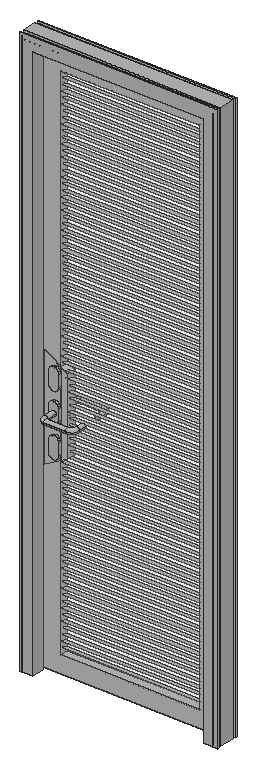
Revit family "Doors_Swing_Avanti_Systems_Acoustic-Dbl-Glazed", category Doors, Revit 2026
Family settings
  Classification Number = 23.30.10.14.14
  Always vertical = Yes
  Cut with Voids When Loaded = No
  Shared = No
  Room Calculation Point = No
Parameters (values of type "Double Glazed Acoustic Swing Door")
  Youtube clip = ""
  Width [instance] = 2' - 8.58379"
  Weight Net (Kg) = "0"
  Warranty = "1 year"  # constant formula
  Uniformat II Description = "Interior Doors"
  Uniformat II Code = "C1020"
  Uniclass 2015 Name = "Doors and windows"
  Uniclass 2015 Code = "EF_25_30"
  Uniclass 2.0 Description = ""
  Uniclass 2.0 Code = ""
  Uniclass 1.4 Description = "Doors"
  Uniclass 1.4 Code = "JL20"
  URL = "https://www.avantisystemsusa.com/"
  UNSPSC Code = "30171504"
  Thickness = 0' - 1 3/4"
  Technical description = ""
  Standard Lever Handle [instance] = not(Locking Lever Handle)  # no
  Sound Rating = 0
  Sketch Dimension [instance] = Width - 2 * (0' 2 51/256")  # 2' - 4.18535"
  Self Closing [instance] = yes
  Region South America = "All"
  Region Oceania = "All"
  Region North America = "All"
  Region Middle East = "All"
  Region Europe = "All"
  Region Asia = "All"
  Region Antarctica = "All"
  Region Africa = "All"
  QR code = "http://bimobject.com/avantisystems/product/avanti-acoustic-double-glazed-glass-swing-door"
  Product url = "https://www.avantisystemsusa.com/glass-products/doors/pivot-doors-hinged-doors/double-glazed-framed/"
  Product group = "Acoustic Double Glazed"
  Product family = "Pivot & Hinged Doors"
  Product data url = "https://bimobject.com/avantisystems/product/avanti-acoustic-double-glazed-glass-swing-door"
  Product certification = ""
  Product SKU = "avanti-acoustic-double-glazed-glass-swing-door"
  Product Guid = "4cbc50b4-6a02-4c5a-a436-d6565afaf1f2"
  Power = 110 V  # constant formula
  OmniClass Description = "Wood Doors"
  OmniClass Code = "23-17 11 15"
  Number of blinds [instance] = (Height - 0' 6") / 0' 1"  # 88
  Nominal width = 0' - 0"
  Nominal height = 0' - 0"
  NBS Reference Description = ""
  NBS Reference Code = ""
  Model = "Acoustic Double Glazed Glass Swing Door"  # constant formula
  Material secondary = "Aluminium"
  Material main = "Glass"
  Masterformat 2014 Description = "Wood Doors"
  Masterformat 2014 Code = "08 14 00"
  Manufacturer name = "Avanti Systems"
  Manufacturer country = ""
  Manufacturer = "Avanti Systems USA"  # constant formula
  Locking Lever Handle [instance] = yes
  Installation instructions = ""
  IFC Classification = "Door"
  Height [instance] = 7' - 9.651"
  Heght Controller [instance] = if(Doors Height Control > 8' 10", 8' 10", Doors Height Control)  # 7' - 0"
  Hardware material [instance] = Stainless Steel - Avanti- Brushed Finish
  Handle width [instance] = Width - 0' 4"  # 2' - 4.58379"
  Handle Height [instance] = Height - 0' 2"  # 7' - 7.651"
  Handle Distance = 0' - 4 1/8"  # constant formula
  Glazing = ""
  Glass Width [instance] = 2' - 4.5976"
  Glass Marker = yes
  Glass Height [instance] = 7' - 7.46539"
  Function = Interior
  Free Swing [instance] = yes
  Frame Material [instance] = Polyester powder - Avanti - White aluminium METALLIC - RAL9006
  Filling_width [instance] = 0' - 1 7/8"
  Filling_height [instance] = 7' - 7.58753"
  Edition number = 1
  EAN code = ""
  Doors panel material = Glass - Avanti - Laminated Glass
  Doors Height Control [instance] = if(Doors Height > 8' 10", 8' 10", Doors Height)  # 7' - 0"
  Doors Height [instance] = 7' - 0"
  Design country = "United States"
  Description = "Double Glazed Acoustic Swing Doors fit seamlessly into the Solare™ Double Glazed, Elevare™ Stacking Double Glazed High Wall , Movare™ Movable Double Glazed or Transverto™ MonobIock Modular for superior sound resistance and style."  # constant formula
  Date of publishing = ""
  Clear Anodic Finish = "AAMA 611, AA-M12c22A31, Class II, 0.01mm or thicker"  # constant formula
  COBIe Type Category = ""
  Brand url = "http://www.avantisystemsusa.com/"
  Blinds material [instance] = Polyester powder - Avanti - White aluminium METALLIC - RAL9006
  Blinds [instance] = yes
  Blinds width [instance] = Width - 0' 9 81/128"  # 1' - 10.95098"
  Blinds height [instance] = Height - 0' 8"  # 7' - 1.651"
  BIMobject main category code = "doors"
  BIMobject main category = "Doors"
  BIMobject category code = "doors-swing"
  BIMobject category = "Swing"
  Analytic Construction = "<None>"
  Acoustic performance (dB) = 43  # constant formula
Reference planes (in)
  plane 1 "Center (Front/Back)": y = 0
  plane 2: z = 0.6245
  plane 3 "Center (Left/Right)": x = 3.24894
  plane 4: x = -13.04295
  plane 5: x = 19.54084
  plane 6 "Top": z = 94.2755
  plane 7: z = 89.62939
  plane 8: x = -8.91795
  plane 9 "Doors Bottom Plan": y = 0.2175
  plane 10: z = 91.651
  plane 11 "Doors Center": y = 0.8725
  plane 12 "Door_top_olan": y = 1.9675
  plane 13 "Door_height_top": z = 91.65289
  plane 14 "Door_left": x = 17.54774
  plane 15 "Door_right": x = -11.04986
  plane 16: z = 91.75551
  plane 17: y = 1.9675
  plane 18: z = 12.6245
  plane 19: z = 78.336
  plane 20: z = 66.336
  plane 21: z = 47.45
  plane 22: y = 1.78
  plane 23: y = 0.405
  plane 24: x = 14.10021
  plane 25: x = -7.60233
  plane 26: z = 89.25449
  plane 27: z = 0.1875
  plane 28: x = 3.24894
  plane 29: x = -11.35863
  plane 30: x = 17.67186
Forms (in)
  Sweep 1, solid, material "Polyester powder - Avanti - White aluminium METALLIC - RAL9006" <- "Frame Material"
    path origin (0.39048, 0, 0) x (1, 0, 0) y (0, 0, 1)
      loop
        line (19.15035, 0) -> (19.15035, 94.2755) -> (-13.43344, 94.2755) -> (-13.43344, 0)
    profile origin (19.54084, 0, 47.13775) x (-1, 0, 0) y (0, -1, 0)
      loop
        line (0, -1.20637) -> (0.32027, -1.20637) -> (0.32027, -1.10581) -> (0.81894, -1.10581) -> (0.81894, -1.90844) -> (0.32, -1.90844) -> (0.32, -1.75074) -> (0, -1.75074) -> (0, -1.9675) -> (1.68432, -1.9675) -> (1.68432, -0.10813) -> (2.19799, -0.10813) -> (2.19799, 1.96951) -> (0, 1.96951) -> (0, 1.75296) -> (0.32, 1.75296) -> (0.32, 1.91045) -> (0.8165, 1.91045) -> (0.8165, 1.12164) -> (0.3206, 1.12164) -> (0.3206, 1.22391) -> (0, 1.22391) -> (0, -1.20637)
  Extrusion 2, solid, material "Glass - Avanti - Laminated Glass" <- "Doors panel material"
    sketch origin (0, 0, 0) x (1, 0, 0) y (0, 1, 0)
      loop
        line (-11.04986, 1.9675) -> (-11.04986, 1.78) -> (17.54774, 1.78) -> (17.54774, 1.9675) -> (-11.04986, 1.9675)
      loop
        line (-11.04986, 0.405) -> (-11.04986, 0.2175) -> (17.54774, 0.2175) -> (17.54774, 0.405) -> (-11.04986, 0.405)
    from 0.1875 to 92.07752
  Sweep 3, solid, material "Polyester powder - Avanti - White aluminium METALLIC - RAL9006" <- "Frame Material"
    path origin (0, 0, 0) x (1, 0, 0) y (0, 0, 1)
      loop
        line (17.54774, 0.1875) -> (17.54774, 92.07752) -> (-11.04986, 92.07752) -> (-11.04986, 0.1875) -> (17.54774, 0.1875)
    profile origin (17.54774, 0, 46.13251) x (-1, 0, 0) y (0, -1, 0)
      loop
        line (2.82303, -1.78) -> (2.82303, -0.405) -> (0, -0.405) -> (0, -1.78) -> (2.82303, -1.78)
Lines and regions (in)
  symbolic lines, style "00 View port"
    curve 1: line (17.85651, 0.2175, 0) -> (-11.35863, 0.2175, 0)
    curve 5: line (-11.17398, 1.78, 0) -> (17.67186, 1.78, 0)
    curve 6: line (-11.17398, 0.405, 0) -> (17.67186, 0.405, 0)
    curve 7: line (3.24894, 1.78, 91.78203) -> (3.24894, 1.78, 0.6245)
    curve 8: line (3.24894, 0.405, 91.78203) -> (3.24894, 0.405, 0.6245)
    curve 9: line (3.24894, 1.905, 91.78203) -> (3.24894, 1.905, 0.6245)
    curve 10: line (3.24894, 1.8425, 91.78203) -> (3.24894, 1.8425, 0.6245)
    curve 11: line (3.24894, 0.3425, 91.78203) -> (3.24894, 0.3425, 0.6245)
    curve 12: line (3.24894, 0.28, 91.78203) -> (3.24894, 0.28, 0.6245)
  symbolic lines, style "01 Cut"
    curve 2: line (3.24894, 1.9675, 0.6245) -> (3.24894, 0.2175, 0.6245)
    curve 3: line (3.24894, 0.2175, 0.6245) -> (3.24894, 0.2175, 91.78203)
    curve 4: line (3.24894, 1.9675, 91.78203) -> (3.24894, 1.9675, 0.6245)
  symbolic lines, style "0", detail levels medium+fine
    curve 13: line (-9.7346, 2.31618, 0) -> (-8.09759, 2.31618, 0)
    curve 14: line (-9.7346, 1.9675, 0) -> (-9.7346, 2.31618, 0)
    curve 15: line (-8.09759, 1.9675, 0) -> (-9.7346, 1.9675, 0)
    curve 16: line (-8.09759, 2.31618, 0) -> (-8.09759, 1.9675, 0)
    curve 17: line (-9.30872, 2.31618, 0) -> (-9.30872, 4.12294, 0)
    curve 18: arc (-9.30872, 4.12294, 0) -> (-9.01696, 4.82732, 0) -> (-8.31258, 5.11908, 0) r 0.99614
    curve 19: line (-8.31258, 5.11908, 0) -> (-4.68684, 5.11908, 0)
    curve 20: arc (-4.68684, 5.11908, 0) -> (-3.85061, 4.7727, 0) -> (-3.50423, 3.93647, 0) r 1.18261
    curve 21: line (-3.50423, 3.93647, 0) -> (-3.50423, 2.59532, 0)
    curve 22: line (-3.50423, 2.59532, 0) -> (-4.28513, 2.59532, 0)
    curve 23: line (-4.28513, 2.59532, 0) -> (-4.28513, 3.93356, 0)
    curve 24: arc (-4.28513, 3.93356, 0) -> (-4.4221, 4.21798, 0) -> (-4.71539, 4.33478, 0) r 0.43481
    curve 25: line (-4.71539, 4.33478, 0) -> (-8.27803, 4.33478, 0)
    curve 26: arc (-8.27803, 4.33478, 0) -> (-8.44928, 4.26384, 0) -> (-8.52022, 4.09259, 0) r 0.24219
    curve 27: line (-8.52022, 4.09259, 0) -> (-8.52022, 2.31618, 0)
    curve 43: line (-9.7346, -0.13118, 0) -> (-8.09759, -0.13118, 0)
    curve 44: line (-9.7346, 0.2175, 0) -> (-9.7346, -0.13118, 0)
    curve 45: line (-8.09759, 0.2175, 0) -> (-9.7346, 0.2175, 0)
    curve 46: line (-8.09759, -0.13118, 0) -> (-8.09759, 0.2175, 0)
    curve 47: line (-9.30872, -0.13118, 0) -> (-9.30872, -1.93794, 0)
    curve 48: arc (-9.30872, -1.93794, 0) -> (-9.01696, -2.64232, 0) -> (-8.31258, -2.93408, 0) r 0.99614
    curve 49: line (-8.31258, -2.93408, 0) -> (-4.68684, -2.93408, 0)
    curve 50: arc (-4.68684, -2.93408, 0) -> (-3.85061, -2.5877, 0) -> (-3.50423, -1.75147, 0) r 1.18261
    curve 51: line (-3.50423, -1.75147, 0) -> (-3.50423, -0.41032, 0)
    curve 52: line (-3.50423, -0.41032, 0) -> (-4.28513, -0.41032, 0)
    curve 53: line (-4.28513, -0.41032, 0) -> (-4.28513, -1.74856, 0)
    curve 54: arc (-4.28513, -1.74856, 0) -> (-4.4221, -2.03298, 0) -> (-4.71539, -2.14978, 0) r 0.43481
    curve 55: line (-4.71539, -2.14978, 0) -> (-8.27803, -2.14978, 0)
    curve 56: arc (-8.27803, -2.14978, 0) -> (-8.44928, -2.07884, 0) -> (-8.52022, -1.90759, 0) r 0.24219
    curve 57: line (-8.52022, -1.90759, 0) -> (-8.52022, -0.13118, 0)
  symbolic lines, style "0", not visible, detail levels medium+fine
    curve 28: line (-9.7346, 2.31618, 0) -> (-8.09759, 2.31618, 0)
    curve 29: line (-9.7346, 1.9675, 0) -> (-9.7346, 2.31618, 0)
    curve 30: line (-8.09759, 1.9675, 0) -> (-9.7346, 1.9675, 0)
    curve 31: line (-8.09759, 2.31618, 0) -> (-8.09759, 1.9675, 0)
    curve 32: line (-9.30872, 2.31618, 0) -> (-9.30872, 4.12294, 0)
    curve 33: arc (-9.30872, 4.12294, 0) -> (-9.01696, 4.82732, 0) -> (-8.31258, 5.11908, 0) r 0.99614
    curve 34: line (-8.31258, 5.11908, 0) -> (-4.68684, 5.11908, 0)
    curve 35: arc (-4.68684, 5.11908, 0) -> (-3.85061, 4.7727, 0) -> (-3.50423, 3.93647, 0) r 1.18261
    curve 36: line (-3.50423, 3.93647, 0) -> (-3.50423, 2.59532, 0)
    curve 37: line (-3.50423, 2.59532, 0) -> (-4.28513, 2.59532, 0)
    curve 38: line (-4.28513, 2.59532, 0) -> (-4.28513, 3.93356, 0)
    curve 39: arc (-4.28513, 3.93356, 0) -> (-4.4221, 4.21798, 0) -> (-4.71539, 4.33478, 0) r 0.43481
    curve 40: line (-4.71539, 4.33478, 0) -> (-8.27803, 4.33478, 0)
    curve 41: arc (-8.27803, 4.33478, 0) -> (-8.44928, 4.26384, 0) -> (-8.52022, 4.09259, 0) r 0.24219
    curve 42: line (-8.52022, 4.09259, 0) -> (-8.52022, 2.31618, 0)
    curve 58: line (-8.91795, 2.31618, 0) -> (-8.91795, 2.06618, 0)
    curve 59: line (-8.91795, 2.31618, 0) -> (-8.91795, 2.06618, 0)
    curve 60: line (-8.91795, -0.13118, 0) -> (-8.91795, 0.11882, 0)
  symbolic lines, visible <- "Glass Marker"
    curve 61: line (0.42051, -0.24998, 44.62157) -> (6.07737, -0.24998, 50.27843)
    curve 62: line (3.24894, -0.24998, 45.60204) -> (5.0969, -0.24998, 47.45)
    curve 63: line (1.40098, -0.24998, 47.45) -> (3.24894, -0.24998, 49.29796)
  symbolic lines, not visible
    curve 64: line (1.40098, 0.25002, 47.45) -> (5.0969, 0.25002, 47.45)
    curve 69: line (-1.84534, 0.25002, 22.66367) -> (1.85057, 0.25002, 22.66367)
  model lines, not visible
    curve 65: line (3.24894, 0.25002, 45.60204) -> (3.24894, 0.25002, 49.29796)
    curve 70: line (0.00262, 0.25002, 20.81572) -> (0.00262, 0.25002, 24.51163)
  symbolic lines, visible <- "Glass Marker", not visible
    curve 66: line (-2.82581, -0.24998, 19.83525) -> (2.83104, -0.24998, 25.4921)
    curve 67: line (0.00262, -0.24998, 20.81572) -> (1.85057, -0.24998, 22.66367)
    curve 68: line (-1.84534, -0.24998, 22.66367) -> (0.00262, -0.24998, 24.51163)
  symbolic lines, style "DoorsHiddenLines"
    curve 71: line (-8.22683, 0, 89.25449) -> (14.72471, 0, 47.45)
    curve 72: line (14.72471, 0, 47.45) -> (-8.91795, 0, 0.1875)
    curve 73: line (17.54774, 1.9675, 0) -> (17.54774, 28.18535, 0)
    curve 74: arc (17.54774, 28.18535, 0) -> (-2.26495, 21.08656, 0) -> (-11.06253, 1.9675, 0) r 27.16735
  symbolic lines, style "0"
    curve 75: line (-11.35863, 1.9675, 0) -> (17.54774, 1.9675, 0)
Text (in)
  text "Exterior" at (-45.72835, 31.38743, 0), in view "Ref. Level"
Dimensions and locks (in)
  equal spacing: plane 4, plane 3 "Center (Left/Right)", plane 5  (x2)
  "Handle Distance": plane 4 to plane 8
  "Thickness": plane 12 "Door_top_olan" to plane 9 "Doors Bottom Plan"
  plane 12 "Door_top_olan" to plane 11 "Doors Center" to plane 9 "Doors Bottom Plan" = 0' - 1.095", 0' - 0.655"
  locked: plane 16 to plane 6 "Top" at 2.51999
  locked: plane 14 "Door_left" to plane 5 at 1.9931
  locked: plane 15 "Door_right" to plane 4 at 1.9931
  plane 17 to plane 12 "Door_top_olan" = 0' - 0"
  locked: plane 2 to plane 18 at 12
  locked: plane 19 to plane 13 "Door_height_top" at 13.31689
  locked: plane 20 to plane 13 "Door_height_top" at 25.31689
  plane 13 "Door_height_top" to plane 6 "Top" = 0' - 2.62261"
  equal spacing: plane 2, plane 21, plane 6 "Top", locked at 46.8255 each
  locked: plane 12 "Door_top_olan" to plane 22 at 0.1875
  locked: plane 23 to plane 9 "Doors Bottom Plan" at 0.1875
  "Height": plane 2 to plane 6 "Top"
  locked: plane 24 to plane 5 at 5.44062
  locked: plane 25 to plane 4 at 5.44062
  "Width": plane 4 to plane 5
  plane 26 to plane 6 "Top" = 0' - 5.02101"
  equal spacing: plane 17, curve 9, curve 10, plane 22, locked at 0.0625 each
  equal spacing: plane 23, curve 11, curve 12, plane 9 "Doors Bottom Plan", locked at 0.0625 each
  plane 27 to plane 2 = 0' - 0.437"
  equal spacing: plane 4, plane 28, plane 5
  "Glass Height": plane 27 to plane 13 "Door_height_top"
  "Glass Width": plane 14 "Door_left" to plane 15 "Door_right"
  "Sketch Dimension": plane 1 "Center (Front/Back)" to curve 73
  plane 2 to nested 9 = 3' - 2"
  locked: plane 4 to plane 29 at 1.68432
  locked: plane 30 to plane 5 at 1.86898
  locked: Sweep 3 sketch curve to profile plane at 2.82303
  aligned and locked: Sweep 1 sketch curve to plane 5
  aligned and locked: plane 4 to Sweep 1 sketch curve
  aligned and locked: Sweep 1 sketch curve to plane 6 "Top"
  aligned and locked: Sweep 1 to plane 17
  aligned and locked: curve 3 to plane 9 "Doors Bottom Plan"
  aligned and locked: curve 4 to plane 12 "Door_top_olan"
  aligned and locked: Extrusion 2 sketch curve to plane 12 "Door_top_olan"
  aligned and locked: plane 22 to Extrusion 2 sketch curve
  aligned and locked: plane 15 "Door_right" to Extrusion 2 sketch curve  (x2)
  aligned and locked: Extrusion 2 sketch curve to plane 14 "Door_left"  (x2)
  aligned and locked: Extrusion 2 sketch curve to plane 23
  aligned and locked: plane 9 "Doors Bottom Plan" to Extrusion 2 sketch curve
  aligned and locked: Sweep 3 sketch curve to plane 14 "Door_left"
  aligned and locked: plane 15 "Door_right" to Sweep 3 sketch curve
  aligned and locked: Sweep 3 sketch curve to plane 22
  aligned and locked: plane 23 to Sweep 3 sketch curve
  aligned and locked: Sweep 3 sketch curve to profile plane
  aligned and locked: Sweep 3 to Sweep 3
  aligned and locked: Sweep 3 to plane 26  (x4)
  aligned and locked: nested 1 to plane 26
  aligned and locked: nested 1 to plane 3 "Center (Left/Right)"
  aligned and locked: plane 4 to nested 2
  aligned and locked: nested 2 to plane 12 "Door_top_olan"
  aligned and locked: plane 5 to nested 3
  aligned and locked: plane 12 "Door_top_olan" to nested 3
  aligned and locked: Sweep 1 sketch curve to nested 3  (x6)
  aligned and locked: Sweep 1 sketch curve to plane 12 "Door_top_olan"
  aligned and locked: Sweep 1 to curve 1  (x2)
  aligned and locked: curve 5 to plane 22
  aligned and locked: curve 6 to plane 23
  aligned and locked: nested 2 to curve 5
  aligned and locked: curve 6 to nested 2
  aligned and locked: nested 3 to curve 5
  aligned and locked: nested 3 to curve 6
  aligned and locked: nested 4 to plane 17
  aligned and locked: curve 2 to plane 2
  aligned and locked: nested 4 to curve 4
  aligned and locked: curve 3 to nested 4
  aligned and locked: plane 22 to curve 7
  aligned and locked: plane 23 to curve 8
  aligned and locked: nested 4 to curve 9
  aligned and locked: nested 4 to curve 10
  aligned and locked: nested 4 to curve 7
  aligned and locked: curve 8 to nested 4
  aligned and locked: curve 11 to nested 4
  aligned and locked: curve 12 to nested 4
  aligned and locked: plane 2 to curve 9
  aligned and locked: nested 9 to plane 2
  aligned and locked: nested 9 to plane 4
  aligned and locked: curve 15 to plane 17
  aligned and locked: plane 9 "Doors Bottom Plan" to curve 45
  aligned and locked: curve 58 to nested 9
  aligned and locked: curve 60 to plane 8
  aligned and locked: plane 27 to Sweep 3 sketch curve  (x2)
  aligned and locked: Extrusion 2 to plane 27
  aligned and locked: curve 65 to plane 28
  aligned and locked: plane 21 to curve 64
  aligned and locked: plane 26 to Sweep 3
  aligned and locked: plane 21 to curve 72
  aligned and locked: curve 73 to curve 74
  aligned and locked: nested 5 to plane 18
  aligned and locked: nested 7 to plane 20
  aligned and locked: nested 8 to plane 19
  aligned and locked: plane 21 to nested 6
  aligned and locked: nested 8 to Extrusion 2
  aligned and locked: nested 7 to Extrusion 2
  aligned and locked: nested 6 to Extrusion 2
  aligned and locked: nested 5 to Extrusion 2
  aligned and locked: plane 14 "Door_left" to nested 6
  aligned and locked: plane 14 "Door_left" to nested 5
  aligned and locked: Extrusion 2 to nested 7
  aligned and locked: Extrusion 2 to nested 8
  aligned and locked: plane 14 "Door_left" to curve 73
  aligned and locked: plane 29 to curve 75
  aligned and locked: Sweep 3 sketch curve to Sweep 1
  aligned and locked: Extrusion 2 to Sweep 1
  aligned and locked: plane 26 to curve 71
Automatic sketch dimensions
  curve 13 to curve 17 = 0' - 0.42588"
  curve 17 to curve 27 = 0' - 0.7885"
  curve 26 to curve 19 = 0' - 0.20764"
  curve 18 to curve 25 = 0' - 0.03455"
  curve 27 to curve 16 = 0' - 0.42263"
  curve 26 to curve 24 = 0' - 3.55939"
  curve 24 to curve 25 = 0' - 0.00325"
  curve 24 to curve 20 = 0' - 0.0318"
  curve 24 to curve 22 = 0' - 0.43351"
  curve 22 to curve 21 = 0' - 0.7809"
  curve 15 to curve 16 = 0' - 0.34868"
  curve 13 to curve 23 = 0' - 0.27914"
  curve 22 to curve 24 = 0' - 1.30467"
  curve 24 to curve 23 = 0' - 0.03357"
  curve 24 to curve 20 = 0' - 0.03649"
  curve 58 to curve 27 = 0' - 0.39773"
  curve 58 to curve 27 = 0' - 0 1/4"
  curve 58 to curve 58 = 0' - 0 1/4"
  curve 28 to curve 32 = 0' - 0.42588"
  curve 32 to curve 42 = 0' - 0.7885"
  curve 41 to curve 34 = 0' - 0.20764"
  curve 33 to curve 40 = 0' - 0.03455"
  curve 42 to curve 31 = 0' - 0.42263"
  curve 41 to curve 39 = 0' - 3.55939"
  curve 39 to curve 40 = 0' - 0.00325"
  curve 39 to curve 35 = 0' - 0.0318"
  curve 39 to curve 37 = 0' - 0.43351"
  curve 37 to curve 36 = 0' - 0.7809"
  curve 30 to curve 31 = 0' - 0.34868"
  curve 28 to curve 38 = 0' - 0.27914"
  curve 37 to curve 39 = 0' - 1.30467"
  curve 39 to curve 38 = 0' - 0.03357"
  curve 39 to curve 35 = 0' - 0.03649"
  curve 59 to curve 42 = 0' - 0.39773"
  curve 59 to curve 42 = 0' - 0 1/4"
  curve 59 to curve 59 = 0' - 0 1/4"
  curve 43 to curve 47 = 0' - 0.42588"
  curve 47 to curve 57 = 0' - 0.7885"
  curve 56 to curve 49 = 0' - 0.20764"
  curve 48 to curve 55 = 0' - 0.03455"
  curve 57 to curve 46 = 0' - 0.42263"
  curve 56 to curve 54 = 0' - 3.55939"
  curve 54 to curve 55 = 0' - 0.00325"
  curve 54 to curve 50 = 0' - 0.0318"
  curve 54 to curve 52 = 0' - 0.43351"
  curve 52 to curve 51 = 0' - 0.7809"
  curve 46 to curve 45 = 0' - 0.34868"
  curve 53 to curve 43 = 0' - 0.27914"
  curve 54 to curve 52 = 0' - 1.30467"
  curve 53 to curve 54 = 0' - 0.03357"
  curve 50 to curve 54 = 0' - 0.03649"
  curve 60 to curve 57 = 0' - 0.39773"
  curve 57 to curve 60 = 0' - 0 1/4"
  curve 60 to curve 60 = 0' - 0 1/4"
  Sweep 1 sketch curve to level = 0' - 0"  (x2)
  Sweep 1 sketch curve to profile plane = 0' - 0"  (x3)
  Sweep 1 sketch curve to profile plane = 0' - 0.32"
  Sweep 1 sketch curve to Sweep 1 sketch curve = 0' - 0.32"
  Sweep 1 sketch curve to profile plane = 0' - 0.32027"
  Sweep 1 sketch curve to profile plane = 0' - 0.3206"
  Sweep 1 sketch curve to Sweep 1 sketch curve = 0' - 0.49591"
  Sweep 1 sketch curve to Sweep 1 sketch curve = 0' - 0.49894"
  Sweep 1 sketch curve to Sweep 1 sketch curve = 0' - 0.15771"
  Sweep 1 sketch curve to Sweep 1 sketch curve = 0' - 0.54437"
  Sweep 1 sketch curve to Sweep 1 sketch curve = 0' - 0.10056"
  Sweep 1 sketch curve to Sweep 1 sketch curve = 0' - 0.10227"
  Sweep 1 sketch curve to Sweep 1 sketch curve = 0' - 0.21655"
  Sweep 1 sketch curve to Sweep 1 sketch curve = 0' - 0.1575"
  curve 1 to plane 9 "Doors Bottom Plan" = 0' - 0"
  plane 11 "Doors Center" to curve 74 = 0' - 0.18466"
  curve 74 to plane 14 "Door_left" = 0' - 1.45817"
  curve 74 to plane 12 "Door_top_olan" = 0' - 0"
  plane 8 to curve 72 = 0' - 0"
  curve 72 to plane 27 = 0' - 0"
  curve 71 to plane 25 = 0' - 0.6245"
  plane 24 to curve 72 = 0' - 0.6245"
Nested families (in)
  nested 1: "Blinds" at (3.24894, 0.405, 46.42899) x (1, 0, 0) z (0, 1, 0), visible <- "Blinds", type "Blinds"
    with Width 1' - 10.95098", Height 7' - 1.651"
  nested 2: "Door Frame" at (-11.81512, -0.34464, 0), type "Door Frame"
  nested 3: "Door Frame" at (18.313, -0.34464, 0) x (-1, 0, 0) z (0, 0, 1), type "Door Frame"
  nested 4: "Door Frame" at (3.24894, -0.34464, 92.42317) x (0, 0, -1) z (1, 0, 0), type "Door Frame"
  nested 5: "Hinge" at (17.79774, 1.9675, 17.1245) x (-1, 0, 0) z (0, 1, 0), type "Frame To Glass Door Hydraulic Hinge"
  nested 6: "Hinge" at (17.79774, 1.9675, 49.7) x (-1, 0, 0) z (0, 1, 0), type "Frame To Glass Door Hydraulic Hinge"
  nested 7: "Hinge" at (17.79774, 1.9675, 70.836) x (-1, 0, 0) z (0, 1, 0), type "Frame To Glass Door Hydraulic Hinge"
  nested 8: "Hinge" at (17.79774, 1.9675, 82.836) x (-1, 0, 0) z (0, 1, 0), type "Frame To Glass Door Hydraulic Hinge"
  nested 9: "Handle" at (-8.91795, -1.1575, 38.6245) x (-1, 0, 0) z (0, -1, 0), type "Lever Handle", detail levels medium+fine
Definition of nested family "Blinds"
  Parameters (values of type "Blinders")
    Width = 1' - 9.70098"
    Number = 88
    Material = none
    Height = 7' - 4.2096"
    Default Elevation = 4' - 0"
  Reference planes (in)
    plane 1 "Center (Front/Back)": y = 0
    plane 2: z = 0
    plane 3 "Center (Left/Right)": x = 0
    plane 4: y = 44.1048
    plane 5: y = -44.1048
  Forms (in)
    Sweep 1, solid, material <- "Material"
      path origin (0, 28.38242, 0) x (1, 0, 0) y (0, 1, 0)
        loop
          line (-10.85049, 15.72238) -> (10.85049, 15.72238)
      profile origin (0, 44.1048, 0) x (0, 1, 0) y (0, 0, 1)
        loop
          line (-0.53392, 1.375) -> (0, 0)
          arc (0, 0) -> (-0.1282, 0.74138) -> (-0.53392, 1.375) r 1.90149
    Sweep 2, solid, material <- "Material"
      path origin (0, 27.37466, 0) x (1, 0, 0) y (0, 1, 0)
        loop
          line (-10.85049, 15.72238) -> (10.85049, 15.72238)
      profile origin (0, 43.09703, 0) x (0, 1, 0) y (0, 0, 1)
        loop
          line (-0.53392, 1.375) -> (0, 0)
          arc (0, 0) -> (-0.1282, 0.74138) -> (-0.53392, 1.375) r 1.90149
    Sweep 3, solid, material <- "Material"
      path origin (0, 26.36689, 0) x (1, 0, 0) y (0, 1, 0)
        loop
          line (-10.85049, 15.72238) -> (10.85049, 15.72238)
      profile origin (0, 42.08927, 0) x (0, 1, 0) y (0, 0, 1)
        loop
          line (-0.53392, 1.375) -> (0, 0)
          arc (0, 0) -> (-0.1282, 0.74138) -> (-0.53392, 1.375) r 1.90149
    Sweep 4, solid, material <- "Material"
      path origin (0, 25.35912, 0) x (1, 0, 0) y (0, 1, 0)
        loop
          line (-10.85049, 15.72238) -> (10.85049, 15.72238)
      profile origin (0, 41.0815, 0) x (0, 1, 0) y (0, 0, 1)
        loop
          line (-0.53392, 1.375) -> (0, 0)
          arc (0, 0) -> (-0.1282, 0.74138) -> (-0.53392, 1.375) r 1.90149
    Sweep 5, solid, material <- "Material"
      path origin (0, 24.35136, 0) x (1, 0, 0) y (0, 1, 0)
        loop
          line (-10.85049, 15.72238) -> (10.85049, 15.72238)
      profile origin (0, 40.07373, 0) x (0, 1, 0) y (0, 0, 1)
        loop
          line (-0.53392, 1.375) -> (0, 0)
          arc (0, 0) -> (-0.1282, 0.74138) -> (-0.53392, 1.375) r 1.90149
    Sweep 6, solid, material <- "Material"
      path origin (0, 23.34359, 0) x (1, 0, 0) y (0, 1, 0)
        loop
          line (-10.85049, 15.72238) -> (10.85049, 15.72238)
      profile origin (0, 39.06597, 0) x (0, 1, 0) y (0, 0, 1)
        loop
          line (-0.53392, 1.375) -> (0, 0)
          arc (0, 0) -> (-0.1282, 0.74138) -> (-0.53392, 1.375) r 1.90149
    Sweep 7, solid, material <- "Material"
      path origin (0, 22.33582, 0) x (1, 0, 0) y (0, 1, 0)
        loop
          line (-10.85049, 15.72238) -> (10.85049, 15.72238)
      profile origin (0, 38.0582, 0) x (0, 1, 0) y (0, 0, 1)
        loop
          line (-0.53392, 1.375) -> (0, 0)
          arc (0, 0) -> (-0.1282, 0.74138) -> (-0.53392, 1.375) r 1.90149
    Sweep 8, solid, material <- "Material"
      path origin (0, 21.32806, 0) x (1, 0, 0) y (0, 1, 0)
        loop
          line (-10.85049, 15.72238) -> (10.85049, 15.72238)
      profile origin (0, 37.05043, 0) x (0, 1, 0) y (0, 0, 1)
        loop
          line (-0.53392, 1.375) -> (0, 0)
          arc (0, 0) -> (-0.1282, 0.74138) -> (-0.53392, 1.375) r 1.90149
    Sweep 9, solid, material <- "Material"
      path origin (0, 20.32029, 0) x (1, 0, 0) y (0, 1, 0)
        loop
          line (-10.85049, 15.72238) -> (10.85049, 15.72238)
      profile origin (0, 36.04267, 0) x (0, 1, 0) y (0, 0, 1)
        loop
          line (-0.53392, 1.375) -> (0, 0)
          arc (0, 0) -> (-0.1282, 0.74138) -> (-0.53392, 1.375) r 1.90149
    Sweep 10, solid, material <- "Material"
      path origin (0, 19.31252, 0) x (1, 0, 0) y (0, 1, 0)
        loop
          line (-10.85049, 15.72238) -> (10.85049, 15.72238)
      profile origin (0, 35.0349, 0) x (0, 1, 0) y (0, 0, 1)
        loop
          line (-0.53392, 1.375) -> (0, 0)
          arc (0, 0) -> (-0.1282, 0.74138) -> (-0.53392, 1.375) r 1.90149
    Sweep 11, solid, material <- "Material"
      path origin (0, 18.30476, 0) x (1, 0, 0) y (0, 1, 0)
        loop
          line (-10.85049, 15.72238) -> (10.85049, 15.72238)
      profile origin (0, 34.02713, 0) x (0, 1, 0) y (0, 0, 1)
        loop
          line (-0.53392, 1.375) -> (0, 0)
          arc (0, 0) -> (-0.1282, 0.74138) -> (-0.53392, 1.375) r 1.90149
    Sweep 12, solid, material <- "Material"
      path origin (0, 17.29699, 0) x (1, 0, 0) y (0, 1, 0)
        loop
          line (-10.85049, 15.72238) -> (10.85049, 15.72238)
      profile origin (0, 33.01937, 0) x (0, 1, 0) y (0, 0, 1)
        loop
          line (-0.53392, 1.375) -> (0, 0)
          arc (0, 0) -> (-0.1282, 0.74138) -> (-0.53392, 1.375) r 1.90149
    Sweep 13, solid, material <- "Material"
      path origin (0, 16.28922, 0) x (1, 0, 0) y (0, 1, 0)
        loop
          line (-10.85049, 15.72238) -> (10.85049, 15.72238)
      profile origin (0, 32.0116, 0) x (0, 1, 0) y (0, 0, 1)
        loop
          line (-0.53392, 1.375) -> (0, 0)
          arc (0, 0) -> (-0.1282, 0.74138) -> (-0.53392, 1.375) r 1.90149
    Sweep 14, solid, material <- "Material"
      path origin (0, 15.28146, 0) x (1, 0, 0) y (0, 1, 0)
        loop
          line (-10.85049, 15.72238) -> (10.85049, 15.72238)
      profile origin (0, 31.00384, 0) x (0, 1, 0) y (0, 0, 1)
        loop
          line (-0.53392, 1.375) -> (0, 0)
          arc (0, 0) -> (-0.1282, 0.74138) -> (-0.53392, 1.375) r 1.90149
    Sweep 15, solid, material <- "Material"
      path origin (0, 14.27369, 0) x (1, 0, 0) y (0, 1, 0)
        loop
          line (-10.85049, 15.72238) -> (10.85049, 15.72238)
      profile origin (0, 29.99607, 0) x (0, 1, 0) y (0, 0, 1)
        loop
          line (-0.53392, 1.375) -> (0, 0)
          arc (0, 0) -> (-0.1282, 0.74138) -> (-0.53392, 1.375) r 1.90149
    Sweep 16, solid, material <- "Material"
      path origin (0, 13.26593, 0) x (1, 0, 0) y (0, 1, 0)
        loop
          line (-10.85049, 15.72238) -> (10.85049, 15.72238)
      profile origin (0, 28.9883, 0) x (0, 1, 0) y (0, 0, 1)
        loop
          line (-0.53392, 1.375) -> (0, 0)
          arc (0, 0) -> (-0.1282, 0.74138) -> (-0.53392, 1.375) r 1.90149
    Sweep 17, solid, material <- "Material"
      path origin (0, 12.25816, 0) x (1, 0, 0) y (0, 1, 0)
        loop
          line (-10.85049, 15.72238) -> (10.85049, 15.72238)
      profile origin (0, 27.98054, 0) x (0, 1, 0) y (0, 0, 1)
        loop
          line (-0.53392, 1.375) -> (0, 0)
          arc (0, 0) -> (-0.1282, 0.74138) -> (-0.53392, 1.375) r 1.90149
    Sweep 18, solid, material <- "Material"
      path origin (0, 11.25039, 0) x (1, 0, 0) y (0, 1, 0)
        loop
          line (-10.85049, 15.72238) -> (10.85049, 15.72238)
      profile origin (0, 26.97277, 0) x (0, 1, 0) y (0, 0, 1)
        loop
          line (-0.53392, 1.375) -> (0, 0)
          arc (0, 0) -> (-0.1282, 0.74138) -> (-0.53392, 1.375) r 1.90149
    Sweep 19, solid, material <- "Material"
      path origin (0, 10.24263, 0) x (1, 0, 0) y (0, 1, 0)
        loop
          line (-10.85049, 15.72238) -> (10.85049, 15.72238)
      profile origin (0, 25.965, 0) x (0, 1, 0) y (0, 0, 1)
        loop
          line (-0.53392, 1.375) -> (0, 0)
          arc (0, 0) -> (-0.1282, 0.74138) -> (-0.53392, 1.375) r 1.90149
    Sweep 20, solid, material <- "Material"
      path origin (0, 9.23486, 0) x (1, 0, 0) y (0, 1, 0)
        loop
          line (-10.85049, 15.72238) -> (10.85049, 15.72238)
      profile origin (0, 24.95724, 0) x (0, 1, 0) y (0, 0, 1)
        loop
          line (-0.53392, 1.375) -> (0, 0)
          arc (0, 0) -> (-0.1282, 0.74138) -> (-0.53392, 1.375) r 1.90149
    Sweep 21, solid, material <- "Material"
      path origin (0, 8.22709, 0) x (1, 0, 0) y (0, 1, 0)
        loop
          line (-10.85049, 15.72238) -> (10.85049, 15.72238)
      profile origin (0, 23.94947, 0) x (0, 1, 0) y (0, 0, 1)
        loop
          line (-0.53392, 1.375) -> (0, 0)
          arc (0, 0) -> (-0.1282, 0.74138) -> (-0.53392, 1.375) r 1.90149
    Sweep 22, solid, material <- "Material"
      path origin (0, 7.21933, 0) x (1, 0, 0) y (0, 1, 0)
        loop
          line (-10.85049, 15.72238) -> (10.85049, 15.72238)
      profile origin (0, 22.9417, 0) x (0, 1, 0) y (0, 0, 1)
        loop
          line (-0.53392, 1.375) -> (0, 0)
          arc (0, 0) -> (-0.1282, 0.74138) -> (-0.53392, 1.375) r 1.90149
    Sweep 23, solid, material <- "Material"
      path origin (0, 6.21156, 0) x (1, 0, 0) y (0, 1, 0)
        loop
          line (-10.85049, 15.72238) -> (10.85049, 15.72238)
      profile origin (0, 21.93394, 0) x (0, 1, 0) y (0, 0, 1)
        loop
          line (-0.53392, 1.375) -> (0, 0)
          arc (0, 0) -> (-0.1282, 0.74138) -> (-0.53392, 1.375) r 1.90149
    Sweep 24, solid, material <- "Material"
      path origin (0, 5.20379, 0) x (1, 0, 0) y (0, 1, 0)
        loop
          line (-10.85049, 15.72238) -> (10.85049, 15.72238)
      profile origin (0, 20.92617, 0) x (0, 1, 0) y (0, 0, 1)
        loop
          line (-0.53392, 1.375) -> (0, 0)
          arc (0, 0) -> (-0.1282, 0.74138) -> (-0.53392, 1.375) r 1.90149
    Sweep 25, solid, material <- "Material"
      path origin (0, 4.19603, 0) x (1, 0, 0) y (0, 1, 0)
        loop
          line (-10.85049, 15.72238) -> (10.85049, 15.72238)
      profile origin (0, 19.9184, 0) x (0, 1, 0) y (0, 0, 1)
        loop
          line (-0.53392, 1.375) -> (0, 0)
          arc (0, 0) -> (-0.1282, 0.74138) -> (-0.53392, 1.375) r 1.90149
    Sweep 26, solid, material <- "Material"
      path origin (0, 3.18826, 0) x (1, 0, 0) y (0, 1, 0)
        loop
          line (-10.85049, 15.72238) -> (10.85049, 15.72238)
      profile origin (0, 18.91064, 0) x (0, 1, 0) y (0, 0, 1)
        loop
          line (-0.53392, 1.375) -> (0, 0)
          arc (0, 0) -> (-0.1282, 0.74138) -> (-0.53392, 1.375) r 1.90149
    Sweep 27, solid, material <- "Material"
      path origin (0, 2.18049, 0) x (1, 0, 0) y (0, 1, 0)
        loop
          line (-10.85049, 15.72238) -> (10.85049, 15.72238)
      profile origin (0, 17.90287, 0) x (0, 1, 0) y (0, 0, 1)
        loop
          line (-0.53392, 1.375) -> (0, 0)
          arc (0, 0) -> (-0.1282, 0.74138) -> (-0.53392, 1.375) r 1.90149
    Sweep 28, solid, material <- "Material"
      path origin (0, 1.17273, 0) x (1, 0, 0) y (0, 1, 0)
        loop
          line (-10.85049, 15.72238) -> (10.85049, 15.72238)
      profile origin (0, 16.89511, 0) x (0, 1, 0) y (0, 0, 1)
        loop
          line (-0.53392, 1.375) -> (0, 0)
          arc (0, 0) -> (-0.1282, 0.74138) -> (-0.53392, 1.375) r 1.90149
    Sweep 29, solid, material <- "Material"
      path origin (0, 0.16496, 0) x (1, 0, 0) y (0, 1, 0)
        loop
          line (-10.85049, 15.72238) -> (10.85049, 15.72238)
      profile origin (0, 15.88734, 0) x (0, 1, 0) y (0, 0, 1)
        loop
          line (-0.53392, 1.375) -> (0, 0)
          arc (0, 0) -> (-0.1282, 0.74138) -> (-0.53392, 1.375) r 1.90149
    Sweep 30, solid, material <- "Material"
      path origin (0, -0.8428, 0) x (1, 0, 0) y (0, 1, 0)
        loop
          line (-10.85049, 15.72238) -> (10.85049, 15.72238)
      profile origin (0, 14.87957, 0) x (0, 1, 0) y (0, 0, 1)
        loop
          line (-0.53392, 1.375) -> (0, 0)
          arc (0, 0) -> (-0.1282, 0.74138) -> (-0.53392, 1.375) r 1.90149
    Sweep 31, solid, material <- "Material"
      path origin (0, -1.85057, 0) x (1, 0, 0) y (0, 1, 0)
        loop
          line (-10.85049, 15.72238) -> (10.85049, 15.72238)
      profile origin (0, 13.87181, 0) x (0, 1, 0) y (0, 0, 1)
        loop
          line (-0.53392, 1.375) -> (0, 0)
          arc (0, 0) -> (-0.1282, 0.74138) -> (-0.53392, 1.375) r 1.90149
    Sweep 32, solid, material <- "Material"
      path origin (0, -2.85834, 0) x (1, 0, 0) y (0, 1, 0)
        loop
          line (-10.85049, 15.72238) -> (10.85049, 15.72238)
      profile origin (0, 12.86404, 0) x (0, 1, 0) y (0, 0, 1)
        loop
          line (-0.53392, 1.375) -> (0, 0)
          arc (0, 0) -> (-0.1282, 0.74138) -> (-0.53392, 1.375) r 1.90149
    Sweep 33, solid, material <- "Material"
      path origin (0, -3.8661, 0) x (1, 0, 0) y (0, 1, 0)
        loop
          line (-10.85049, 15.72238) -> (10.85049, 15.72238)
      profile origin (0, 11.85627, 0) x (0, 1, 0) y (0, 0, 1)
        loop
          line (-0.53392, 1.375) -> (0, 0)
          arc (0, 0) -> (-0.1282, 0.74138) -> (-0.53392, 1.375) r 1.90149
    Sweep 34, solid, material <- "Material"
      path origin (0, -4.87387, 0) x (1, 0, 0) y (0, 1, 0)
        loop
          line (-10.85049, 15.72238) -> (10.85049, 15.72238)
      profile origin (0, 10.84851, 0) x (0, 1, 0) y (0, 0, 1)
        loop
          line (-0.53392, 1.375) -> (0, 0)
          arc (0, 0) -> (-0.1282, 0.74138) -> (-0.53392, 1.375) r 1.90149
    Sweep 35, solid, material <- "Material"
      path origin (0, -5.88164, 0) x (1, 0, 0) y (0, 1, 0)
        loop
          line (-10.85049, 15.72238) -> (10.85049, 15.72238)
      profile origin (0, 9.84074, 0) x (0, 1, 0) y (0, 0, 1)
        loop
          line (-0.53392, 1.375) -> (0, 0)
          arc (0, 0) -> (-0.1282, 0.74138) -> (-0.53392, 1.375) r 1.90149
    Sweep 36, solid, material <- "Material"
      path origin (0, -6.8894, 0) x (1, 0, 0) y (0, 1, 0)
        loop
          line (-10.85049, 15.72238) -> (10.85049, 15.72238)
      profile origin (0, 8.83297, 0) x (0, 1, 0) y (0, 0, 1)
        loop
          line (-0.53392, 1.375) -> (0, 0)
          arc (0, 0) -> (-0.1282, 0.74138) -> (-0.53392, 1.375) r 1.90149
    Sweep 37, solid, material <- "Material"
      path origin (0, -7.89717, 0) x (1, 0, 0) y (0, 1, 0)
        loop
          line (-10.85049, 15.72238) -> (10.85049, 15.72238)
      profile origin (0, 7.82521, 0) x (0, 1, 0) y (0, 0, 1)
        loop
          line (-0.53392, 1.375) -> (0, 0)
          arc (0, 0) -> (-0.1282, 0.74138) -> (-0.53392, 1.375) r 1.90149
    Sweep 38, solid, material <- "Material"
      path origin (0, -8.90494, 0) x (1, 0, 0) y (0, 1, 0)
        loop
          line (-10.85049, 15.72238) -> (10.85049, 15.72238)
      profile origin (0, 6.81744, 0) x (0, 1, 0) y (0, 0, 1)
        loop
          line (-0.53392, 1.375) -> (0, 0)
          arc (0, 0) -> (-0.1282, 0.74138) -> (-0.53392, 1.375) r 1.90149
    Sweep 39, solid, material <- "Material"
      path origin (0, -9.9127, 0) x (1, 0, 0) y (0, 1, 0)
        loop
          line (-10.85049, 15.72238) -> (10.85049, 15.72238)
      profile origin (0, 5.80967, 0) x (0, 1, 0) y (0, 0, 1)
        loop
          line (-0.53392, 1.375) -> (0, 0)
          arc (0, 0) -> (-0.1282, 0.74138) -> (-0.53392, 1.375) r 1.90149
    Sweep 40, solid, material <- "Material"
      path origin (0, -10.92047, 0) x (1, 0, 0) y (0, 1, 0)
        loop
          line (-10.85049, 15.72238) -> (10.85049, 15.72238)
      profile origin (0, 4.80191, 0) x (0, 1, 0) y (0, 0, 1)
        loop
          line (-0.53392, 1.375) -> (0, 0)
          arc (0, 0) -> (-0.1282, 0.74138) -> (-0.53392, 1.375) r 1.90149
    Sweep 41, solid, material <- "Material"
      path origin (0, -11.92824, 0) x (1, 0, 0) y (0, 1, 0)
        loop
          line (-10.85049, 15.72238) -> (10.85049, 15.72238)
      profile origin (0, 3.79414, 0) x (0, 1, 0) y (0, 0, 1)
        loop
          line (-0.53392, 1.375) -> (0, 0)
          arc (0, 0) -> (-0.1282, 0.74138) -> (-0.53392, 1.375) r 1.90149
    Sweep 42, solid, material <- "Material"
      path origin (0, -12.936, 0) x (1, 0, 0) y (0, 1, 0)
        loop
          line (-10.85049, 15.72238) -> (10.85049, 15.72238)
      profile origin (0, 2.78638, 0) x (0, 1, 0) y (0, 0, 1)
        loop
          line (-0.53392, 1.375) -> (0, 0)
          arc (0, 0) -> (-0.1282, 0.74138) -> (-0.53392, 1.375) r 1.90149
    Sweep 43, solid, material <- "Material"
      path origin (0, -13.94377, 0) x (1, 0, 0) y (0, 1, 0)
        loop
          line (-10.85049, 15.72238) -> (10.85049, 15.72238)
      profile origin (0, 1.77861, 0) x (0, 1, 0) y (0, 0, 1)
        loop
          line (-0.53392, 1.375) -> (0, 0)
          arc (0, 0) -> (-0.1282, 0.74138) -> (-0.53392, 1.375) r 1.90149
    Sweep 44, solid, material <- "Material"
      path origin (0, -14.95153, 0) x (1, 0, 0) y (0, 1, 0)
        loop
          line (-10.85049, 15.72238) -> (10.85049, 15.72238)
      profile origin (0, 0.77084, 0) x (0, 1, 0) y (0, 0, 1)
        loop
          line (-0.53392, 1.375) -> (0, 0)
          arc (0, 0) -> (-0.1282, 0.74138) -> (-0.53392, 1.375) r 1.90149
    Sweep 45, solid, material <- "Material"
      path origin (0, -15.9593, 0) x (1, 0, 0) y (0, 1, 0)
        loop
          line (-10.85049, 15.72238) -> (10.85049, 15.72238)
      profile origin (0, -0.23692, 0) x (0, 1, 0) y (0, 0, 1)
        loop
          line (-0.53392, 1.375) -> (0, 0)
          arc (0, 0) -> (-0.1282, 0.74138) -> (-0.53392, 1.375) r 1.90149
    Sweep 46, solid, material <- "Material"
      path origin (0, -16.96707, 0) x (1, 0, 0) y (0, 1, 0)
        loop
          line (-10.85049, 15.72238) -> (10.85049, 15.72238)
      profile origin (0, -1.24469, 0) x (0, 1, 0) y (0, 0, 1)
        loop
          line (-0.53392, 1.375) -> (0, 0)
          arc (0, 0) -> (-0.1282, 0.74138) -> (-0.53392, 1.375) r 1.90149
    Sweep 47, solid, material <- "Material"
      path origin (0, -17.97483, 0) x (1, 0, 0) y (0, 1, 0)
        loop
          line (-10.85049, 15.72238) -> (10.85049, 15.72238)
      profile origin (0, -2.25246, 0) x (0, 1, 0) y (0, 0, 1)
        loop
          line (-0.53392, 1.375) -> (0, 0)
          arc (0, 0) -> (-0.1282, 0.74138) -> (-0.53392, 1.375) r 1.90149
    Sweep 48, solid, material <- "Material"
      path origin (0, -18.9826, 0) x (1, 0, 0) y (0, 1, 0)
        loop
          line (-10.85049, 15.72238) -> (10.85049, 15.72238)
      profile origin (0, -3.26022, 0) x (0, 1, 0) y (0, 0, 1)
        loop
          line (-0.53392, 1.375) -> (0, 0)
          arc (0, 0) -> (-0.1282, 0.74138) -> (-0.53392, 1.375) r 1.90149
    Sweep 49, solid, material <- "Material"
      path origin (0, -19.99037, 0) x (1, 0, 0) y (0, 1, 0)
        loop
          line (-10.85049, 15.72238) -> (10.85049, 15.72238)
      profile origin (0, -4.26799, 0) x (0, 1, 0) y (0, 0, 1)
        loop
          line (-0.53392, 1.375) -> (0, 0)
          arc (0, 0) -> (-0.1282, 0.74138) -> (-0.53392, 1.375) r 1.90149
    Sweep 50, solid, material <- "Material"
      path origin (0, -20.99813, 0) x (1, 0, 0) y (0, 1, 0)
        loop
          line (-10.85049, 15.72238) -> (10.85049, 15.72238)
      profile origin (0, -5.27576, 0) x (0, 1, 0) y (0, 0, 1)
        loop
          line (-0.53392, 1.375) -> (0, 0)
          arc (0, 0) -> (-0.1282, 0.74138) -> (-0.53392, 1.375) r 1.90149
    Sweep 51, solid, material <- "Material"
      path origin (0, -22.0059, 0) x (1, 0, 0) y (0, 1, 0)
        loop
          line (-10.85049, 15.72238) -> (10.85049, 15.72238)
      profile origin (0, -6.28352, 0) x (0, 1, 0) y (0, 0, 1)
        loop
          line (-0.53392, 1.375) -> (0, 0)
          arc (0, 0) -> (-0.1282, 0.74138) -> (-0.53392, 1.375) r 1.90149
    Sweep 52, solid, material <- "Material"
      path origin (0, -23.01367, 0) x (1, 0, 0) y (0, 1, 0)
        loop
          line (-10.85049, 15.72238) -> (10.85049, 15.72238)
      profile origin (0, -7.29129, 0) x (0, 1, 0) y (0, 0, 1)
        loop
          line (-0.53392, 1.375) -> (0, 0)
          arc (0, 0) -> (-0.1282, 0.74138) -> (-0.53392, 1.375) r 1.90149
    Sweep 53, solid, material <- "Material"
      path origin (0, -24.02143, 0) x (1, 0, 0) y (0, 1, 0)
        loop
          line (-10.85049, 15.72238) -> (10.85049, 15.72238)
      profile origin (0, -8.29906, 0) x (0, 1, 0) y (0, 0, 1)
        loop
          line (-0.53392, 1.375) -> (0, 0)
          arc (0, 0) -> (-0.1282, 0.74138) -> (-0.53392, 1.375) r 1.90149
    Sweep 54, solid, material <- "Material"
      path origin (0, -25.0292, 0) x (1, 0, 0) y (0, 1, 0)
        loop
          line (-10.85049, 15.72238) -> (10.85049, 15.72238)
      profile origin (0, -9.30682, 0) x (0, 1, 0) y (0, 0, 1)
        loop
          line (-0.53392, 1.375) -> (0, 0)
          arc (0, 0) -> (-0.1282, 0.74138) -> (-0.53392, 1.375) r 1.90149
    Sweep 55, solid, material <- "Material"
      path origin (0, -26.03697, 0) x (1, 0, 0) y (0, 1, 0)
        loop
          line (-10.85049, 15.72238) -> (10.85049, 15.72238)
      profile origin (0, -10.31459, 0) x (0, 1, 0) y (0, 0, 1)
        loop
          line (-0.53392, 1.375) -> (0, 0)
          arc (0, 0) -> (-0.1282, 0.74138) -> (-0.53392, 1.375) r 1.90149
    Sweep 56, solid, material <- "Material"
      path origin (0, -27.04473, 0) x (1, 0, 0) y (0, 1, 0)
        loop
          line (-10.85049, 15.72238) -> (10.85049, 15.72238)
      profile origin (0, -11.32235, 0) x (0, 1, 0) y (0, 0, 1)
        loop
          line (-0.53392, 1.375) -> (0, 0)
          arc (0, 0) -> (-0.1282, 0.74138) -> (-0.53392, 1.375) r 1.90149
    Sweep 57, solid, material <- "Material"
      path origin (0, -28.0525, 0) x (1, 0, 0) y (0, 1, 0)
        loop
          line (-10.85049, 15.72238) -> (10.85049, 15.72238)
      profile origin (0, -12.33012, 0) x (0, 1, 0) y (0, 0, 1)
        loop
          line (-0.53392, 1.375) -> (0, 0)
          arc (0, 0) -> (-0.1282, 0.74138) -> (-0.53392, 1.375) r 1.90149
    Sweep 58, solid, material <- "Material"
      path origin (0, -29.06026, 0) x (1, 0, 0) y (0, 1, 0)
        loop
          line (-10.85049, 15.72238) -> (10.85049, 15.72238)
      profile origin (0, -13.33789, 0) x (0, 1, 0) y (0, 0, 1)
        loop
          line (-0.53392, 1.375) -> (0, 0)
          arc (0, 0) -> (-0.1282, 0.74138) -> (-0.53392, 1.375) r 1.90149
    Sweep 59, solid, material <- "Material"
      path origin (0, -30.06803, 0) x (1, 0, 0) y (0, 1, 0)
        loop
          line (-10.85049, 15.72238) -> (10.85049, 15.72238)
      profile origin (0, -14.34565, 0) x (0, 1, 0) y (0, 0, 1)
        loop
          line (-0.53392, 1.375) -> (0, 0)
          arc (0, 0) -> (-0.1282, 0.74138) -> (-0.53392, 1.375) r 1.90149
    Sweep 60, solid, material <- "Material"
      path origin (0, -31.0758, 0) x (1, 0, 0) y (0, 1, 0)
        loop
          line (-10.85049, 15.72238) -> (10.85049, 15.72238)
      profile origin (0, -15.35342, 0) x (0, 1, 0) y (0, 0, 1)
        loop
          line (-0.53392, 1.375) -> (0, 0)
          arc (0, 0) -> (-0.1282, 0.74138) -> (-0.53392, 1.375) r 1.90149
    Sweep 61, solid, material <- "Material"
      path origin (0, -32.08356, 0) x (1, 0, 0) y (0, 1, 0)
        loop
          line (-10.85049, 15.72238) -> (10.85049, 15.72238)
      profile origin (0, -16.36119, 0) x (0, 1, 0) y (0, 0, 1)
        loop
          line (-0.53392, 1.375) -> (0, 0)
          arc (0, 0) -> (-0.1282, 0.74138) -> (-0.53392, 1.375) r 1.90149
    Sweep 62, solid, material <- "Material"
      path origin (0, -33.09133, 0) x (1, 0, 0) y (0, 1, 0)
        loop
          line (-10.85049, 15.72238) -> (10.85049, 15.72238)
      profile origin (0, -17.36895, 0) x (0, 1, 0) y (0, 0, 1)
        loop
          line (-0.53392, 1.375) -> (0, 0)
          arc (0, 0) -> (-0.1282, 0.74138) -> (-0.53392, 1.375) r 1.90149
    Sweep 63, solid, material <- "Material"
      path origin (0, -34.0991, 0) x (1, 0, 0) y (0, 1, 0)
        loop
          line (-10.85049, 15.72238) -> (10.85049, 15.72238)
      profile origin (0, -18.37672, 0) x (0, 1, 0) y (0, 0, 1)
        loop
          line (-0.53392, 1.375) -> (0, 0)
          arc (0, 0) -> (-0.1282, 0.74138) -> (-0.53392, 1.375) r 1.90149
    Sweep 64, solid, material <- "Material"
      path origin (0, -35.10686, 0) x (1, 0, 0) y (0, 1, 0)
        loop
          line (-10.85049, 15.72238) -> (10.85049, 15.72238)
      profile origin (0, -19.38449, 0) x (0, 1, 0) y (0, 0, 1)
        loop
          line (-0.53392, 1.375) -> (0, 0)
          arc (0, 0) -> (-0.1282, 0.74138) -> (-0.53392, 1.375) r 1.90149
    Sweep 65, solid, material <- "Material"
      path origin (0, -36.11463, 0) x (1, 0, 0) y (0, 1, 0)
        loop
          line (-10.85049, 15.72238) -> (10.85049, 15.72238)
      profile origin (0, -20.39225, 0) x (0, 1, 0) y (0, 0, 1)
        loop
          line (-0.53392, 1.375) -> (0, 0)
          arc (0, 0) -> (-0.1282, 0.74138) -> (-0.53392, 1.375) r 1.90149
    Sweep 66, solid, material <- "Material"
      path origin (0, -37.1224, 0) x (1, 0, 0) y (0, 1, 0)
        loop
          line (-10.85049, 15.72238) -> (10.85049, 15.72238)
      profile origin (0, -21.40002, 0) x (0, 1, 0) y (0, 0, 1)
        loop
          line (-0.53392, 1.375) -> (0, 0)
          arc (0, 0) -> (-0.1282, 0.74138) -> (-0.53392, 1.375) r 1.90149
    Sweep 67, solid, material <- "Material"
      path origin (0, -38.13016, 0) x (1, 0, 0) y (0, 1, 0)
        loop
          line (-10.85049, 15.72238) -> (10.85049, 15.72238)
      profile origin (0, -22.40779, 0) x (0, 1, 0) y (0, 0, 1)
        loop
          line (-0.53392, 1.375) -> (0, 0)
          arc (0, 0) -> (-0.1282, 0.74138) -> (-0.53392, 1.375) r 1.90149
    Sweep 68, solid, material <- "Material"
      path origin (0, -39.13793, 0) x (1, 0, 0) y (0, 1, 0)
        loop
          line (-10.85049, 15.72238) -> (10.85049, 15.72238)
      profile origin (0, -23.41555, 0) x (0, 1, 0) y (0, 0, 1)
        loop
          line (-0.53392, 1.375) -> (0, 0)
          arc (0, 0) -> (-0.1282, 0.74138) -> (-0.53392, 1.375) r 1.90149
    Sweep 69, solid, material <- "Material"
      path origin (0, -40.1457, 0) x (1, 0, 0) y (0, 1, 0)
        loop
          line (-10.85049, 15.72238) -> (10.85049, 15.72238)
      profile origin (0, -24.42332, 0) x (0, 1, 0) y (0, 0, 1)
        loop
          line (-0.53392, 1.375) -> (0, 0)
          arc (0, 0) -> (-0.1282, 0.74138) -> (-0.53392, 1.375) r 1.90149
    Sweep 70, solid, material <- "Material"
      path origin (0, -41.15346, 0) x (1, 0, 0) y (0, 1, 0)
        loop
          line (-10.85049, 15.72238) -> (10.85049, 15.72238)
      profile origin (0, -25.43108, 0) x (0, 1, 0) y (0, 0, 1)
        loop
          line (-0.53392, 1.375) -> (0, 0)
          arc (0, 0) -> (-0.1282, 0.74138) -> (-0.53392, 1.375) r 1.90149
    Sweep 71, solid, material <- "Material"
      path origin (0, -42.16123, 0) x (1, 0, 0) y (0, 1, 0)
        loop
          line (-10.85049, 15.72238) -> (10.85049, 15.72238)
      profile origin (0, -26.43885, 0) x (0, 1, 0) y (0, 0, 1)
        loop
          line (-0.53392, 1.375) -> (0, 0)
          arc (0, 0) -> (-0.1282, 0.74138) -> (-0.53392, 1.375) r 1.90149
    Sweep 72, solid, material <- "Material"
      path origin (0, -43.16899, 0) x (1, 0, 0) y (0, 1, 0)
        loop
          line (-10.85049, 15.72238) -> (10.85049, 15.72238)
      profile origin (0, -27.44662, 0) x (0, 1, 0) y (0, 0, 1)
        loop
          line (-0.53392, 1.375) -> (0, 0)
          arc (0, 0) -> (-0.1282, 0.74138) -> (-0.53392, 1.375) r 1.90149
    Sweep 73, solid, material <- "Material"
      path origin (0, -44.17676, 0) x (1, 0, 0) y (0, 1, 0)
        loop
          line (-10.85049, 15.72238) -> (10.85049, 15.72238)
      profile origin (0, -28.45438, 0) x (0, 1, 0) y (0, 0, 1)
        loop
          line (-0.53392, 1.375) -> (0, 0)
          arc (0, 0) -> (-0.1282, 0.74138) -> (-0.53392, 1.375) r 1.90149
    Sweep 74, solid, material <- "Material"
      path origin (0, -45.18453, 0) x (1, 0, 0) y (0, 1, 0)
        loop
          line (-10.85049, 15.72238) -> (10.85049, 15.72238)
      profile origin (0, -29.46215, 0) x (0, 1, 0) y (0, 0, 1)
        loop
          line (-0.53392, 1.375) -> (0, 0)
          arc (0, 0) -> (-0.1282, 0.74138) -> (-0.53392, 1.375) r 1.90149
    Sweep 75, solid, material <- "Material"
      path origin (0, -46.19229, 0) x (1, 0, 0) y (0, 1, 0)
        loop
          line (-10.85049, 15.72238) -> (10.85049, 15.72238)
      profile origin (0, -30.46992, 0) x (0, 1, 0) y (0, 0, 1)
        loop
          line (-0.53392, 1.375) -> (0, 0)
          arc (0, 0) -> (-0.1282, 0.74138) -> (-0.53392, 1.375) r 1.90149
    Sweep 76, solid, material <- "Material"
      path origin (0, -47.20006, 0) x (1, 0, 0) y (0, 1, 0)
        loop
          line (-10.85049, 15.72238) -> (10.85049, 15.72238)
      profile origin (0, -31.47768, 0) x (0, 1, 0) y (0, 0, 1)
        loop
          line (-0.53392, 1.375) -> (0, 0)
          arc (0, 0) -> (-0.1282, 0.74138) -> (-0.53392, 1.375) r 1.90149
    Sweep 77, solid, material <- "Material"
      path origin (0, -48.20783, 0) x (1, 0, 0) y (0, 1, 0)
        loop
          line (-10.85049, 15.72238) -> (10.85049, 15.72238)
      profile origin (0, -32.48545, 0) x (0, 1, 0) y (0, 0, 1)
        loop
          line (-0.53392, 1.375) -> (0, 0)
          arc (0, 0) -> (-0.1282, 0.74138) -> (-0.53392, 1.375) r 1.90149
    Sweep 78, solid, material <- "Material"
      path origin (0, -49.21559, 0) x (1, 0, 0) y (0, 1, 0)
        loop
          line (-10.85049, 15.72238) -> (10.85049, 15.72238)
      profile origin (0, -33.49322, 0) x (0, 1, 0) y (0, 0, 1)
        loop
          line (-0.53392, 1.375) -> (0, 0)
          arc (0, 0) -> (-0.1282, 0.74138) -> (-0.53392, 1.375) r 1.90149
    Sweep 79, solid, material <- "Material"
      path origin (0, -50.22336, 0) x (1, 0, 0) y (0, 1, 0)
        loop
          line (-10.85049, 15.72238) -> (10.85049, 15.72238)
      profile origin (0, -34.50098, 0) x (0, 1, 0) y (0, 0, 1)
        loop
          line (-0.53392, 1.375) -> (0, 0)
          arc (0, 0) -> (-0.1282, 0.74138) -> (-0.53392, 1.375) r 1.90149
    Sweep 80, solid, material <- "Material"
      path origin (0, -51.23113, 0) x (1, 0, 0) y (0, 1, 0)
        loop
          line (-10.85049, 15.72238) -> (10.85049, 15.72238)
      profile origin (0, -35.50875, 0) x (0, 1, 0) y (0, 0, 1)
        loop
          line (-0.53392, 1.375) -> (0, 0)
          arc (0, 0) -> (-0.1282, 0.74138) -> (-0.53392, 1.375) r 1.90149
    Sweep 81, solid, material <- "Material"
      path origin (0, -52.23889, 0) x (1, 0, 0) y (0, 1, 0)
        loop
          line (-10.85049, 15.72238) -> (10.85049, 15.72238)
      profile origin (0, -36.51652, 0) x (0, 1, 0) y (0, 0, 1)
        loop
          line (-0.53392, 1.375) -> (0, 0)
          arc (0, 0) -> (-0.1282, 0.74138) -> (-0.53392, 1.375) r 1.90149
    Sweep 82, solid, material <- "Material"
      path origin (0, -53.24666, 0) x (1, 0, 0) y (0, 1, 0)
        loop
          line (-10.85049, 15.72238) -> (10.85049, 15.72238)
      profile origin (0, -37.52428, 0) x (0, 1, 0) y (0, 0, 1)
        loop
          line (-0.53392, 1.375) -> (0, 0)
          arc (0, 0) -> (-0.1282, 0.74138) -> (-0.53392, 1.375) r 1.90149
    Sweep 83, solid, material <- "Material"
      path origin (0, -54.25443, 0) x (1, 0, 0) y (0, 1, 0)
        loop
          line (-10.85049, 15.72238) -> (10.85049, 15.72238)
      profile origin (0, -38.53205, 0) x (0, 1, 0) y (0, 0, 1)
        loop
          line (-0.53392, 1.375) -> (0, 0)
          arc (0, 0) -> (-0.1282, 0.74138) -> (-0.53392, 1.375) r 1.90149
    Sweep 84, solid, material <- "Material"
      path origin (0, -55.26219, 0) x (1, 0, 0) y (0, 1, 0)
        loop
          line (-10.85049, 15.72238) -> (10.85049, 15.72238)
      profile origin (0, -39.53981, 0) x (0, 1, 0) y (0, 0, 1)
        loop
          line (-0.53392, 1.375) -> (0, 0)
          arc (0, 0) -> (-0.1282, 0.74138) -> (-0.53392, 1.375) r 1.90149
    Sweep 85, solid, material <- "Material"
      path origin (0, -56.26996, 0) x (1, 0, 0) y (0, 1, 0)
        loop
          line (-10.85049, 15.72238) -> (10.85049, 15.72238)
      profile origin (0, -40.54758, 0) x (0, 1, 0) y (0, 0, 1)
        loop
          line (-0.53392, 1.375) -> (0, 0)
          arc (0, 0) -> (-0.1282, 0.74138) -> (-0.53392, 1.375) r 1.90149
    Sweep 86, solid, material <- "Material"
      path origin (0, -57.27772, 0) x (1, 0, 0) y (0, 1, 0)
        loop
          line (-10.85049, 15.72238) -> (10.85049, 15.72238)
      profile origin (0, -41.55535, 0) x (0, 1, 0) y (0, 0, 1)
        loop
          line (-0.53392, 1.375) -> (0, 0)
          arc (0, 0) -> (-0.1282, 0.74138) -> (-0.53392, 1.375) r 1.90149
    Sweep 87, solid, material <- "Material"
      path origin (0, -58.28549, 0) x (1, 0, 0) y (0, 1, 0)
        loop
          line (-10.85049, 15.72238) -> (10.85049, 15.72238)
      profile origin (0, -42.56311, 0) x (0, 1, 0) y (0, 0, 1)
        loop
          line (-0.53392, 1.375) -> (0, 0)
          arc (0, 0) -> (-0.1282, 0.74138) -> (-0.53392, 1.375) r 1.90149
    Sweep 88, solid, material <- "Material"
      path origin (0, -59.29326, 0) x (1, 0, 0) y (0, 1, 0)
        loop
          line (-10.85049, 15.72238) -> (10.85049, 15.72238)
      profile origin (0, -43.57088, 0) x (0, 1, 0) y (0, 0, 1)
        loop
          line (-0.53392, 1.375) -> (0, 0)
          arc (0, 0) -> (-0.1282, 0.74138) -> (-0.53392, 1.375) r 1.90149
